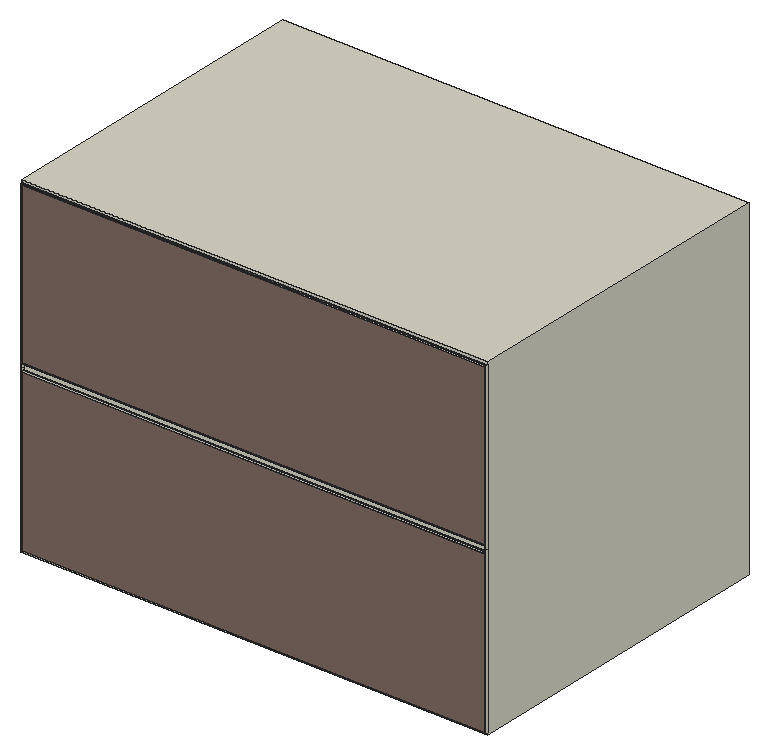
Revit family "vanity unit-hansgrohe-54188XXX-Xevolos E Vanity unit Sand Matt Beige 780_550 with 2 drawers for consoles with countertop basin ground", category Furniture, Revit 2019
Family settings
  OmniClass Number = 23.40.00.00
  OmniClass Title = Equipment and Furnishings
  Work Plane-Based = No
  Always vertical = Yes
  Cut with Voids When Loaded = No
  Shared = Yes
  Room Calculation Point = No
Parameters (values of type "54188730-SAND_MATT_BEIGE-DARK_OAK-200")
  etim7_EC011381 = "EC011381"
  WEIGHT = "45"
  UNSPSC = "56 | Furniture and Furnishings"
  UNIFORMATII = "E2010 | Fixed Furnishings"
  UNICLASS_2015_CODE = "40_30_78_05"
  UNICLASS2015 = "Pr_40_30_78_05 | Bathroom furniture"
  SURFACE = "DARK_OAK"
  REGION = "Worldwide"
  PRODUCTURL = "https://pro.hansgrohe.com/articledetail--54188790"
  PERMALINK = "54188XXX"
  OMNICLASS = "23-21 19 15 33 13 | Residential Bathroom Specialty Casework"
  OBJECTTYPE = "Object (single object)"
  OBERFLAECHE = "SAND_MATT_BEIGE"
  NN = "Vanity unit with 2 drawers for consoles with countertop basin ground"
  NBSYN = "$ARTNR.-$OBERFLAECHE.-$SURFACE.-$LODLEVEL."
  NB = "54188730-SAND_MATT_BEIGE-DARK_OAK-200"
  NAME = "Xevolos E Vanity unit Sand Matt Beige 780/550 with 2 drawers for consoles with countertop basin ground"
  Model = "54188730-SAND_MATT_BEIGE-DARK_OAK-200"
  Manufacturer = "Hansgrohe"
  MIdent = "{$CADENAS_DATA/23d-libs/hansgrohe/xevolos_furniture/e_vanity_unit_2_drawers_console_countertop_basin/vanity_unit_2drawers_consoles_countertop_basin.prj},284 {VTYP=3D},{NB=54188730-SAND_MATT_BEIGE-DARK_OAK-200},{LINA=54188730-SAND_MATT_BEIGE-DARK_OAK-200},{NN=Vanity unit with 2 drawers for consoles with countertop basin ground},{DATE=13.03.2023 11:45:48},{GEOMDATE=12.03.2023 06:32:00},{VERSION=},{LINEID=50},{WBVAR=LODLEVEL},{WBNUMERIC=}  {NB=54188730-SAND_MATT_BEIGE-DARK_OAK-200},{LINA=54188730-SAND_MATT_BEIGE-DARK_OAK-200},{KT=DUMMY},{IDNR=5},{ARTNR=54188730},{BASENUMBER=54188},{MODEL=54188XXX},{OBERFLAECHE=SAND_MATT_BEIGE},{SURFACE=DARK_OAK},{L=780},{LODLEVEL=200},{LODLEVELX='400','400','200','200'},{NAME=Xevolos E Vanity unit Sand Matt Beige 780/550 with 2 drawers for consoles with countertop basin ground},{PERMALINK=54188XXX},{OBJECTTYPE=Object (single object)},{BIMOBJECT=Sanitary: Compound units},{COLLECTIONSET=Xevolos E},{COLLECTION=vanity unit},{WEIGHT=45},{DESCRIPTION=Xevolos E Vanity unit Sand Matt Beige 780/550 with 2 drawers for consoles with countertop basin ground},{PRODUCTURL=https://pro.hansgrohe.com/articledetail--54188790},{GTINCODE=0},{TENDERURL=0},{IFC=Furnishing element},{ETIM=EC011381 | Bathroom furniture set},{UNICLASS2015=Pr_40_30_78_05 | Bathroom furniture},{OMNICLASS=23-21 19 15 33 13 | Residential Bathroom Specialty Casework},{MASTERFORMAT=12 35 30.23 | Bathroom Casework},{UNSPSC=56 | Furniture and Furnishings},{UNIFORMATII=E2010 | Fixed Furnishings},{REGION=Worldwide},{DESIGN=Germany},{MANUFACTURER=Germany}"
  MASTERFORMAT = "12 35 30.23 | Bathroom Casework"
  LODLEVEL = "200"
  LINA = "54188730-SAND_MATT_BEIGE-DARK_OAK-200"
  L = 780
  IFC = "Furnishing element"
  IDNR = 5
  ETIM = "EC011381 | Bathroom furniture set"
  DESIGN = "Germany"
  COLLECTIONSET = "Xevolos E"
  COLLECTION = "vanity unit"
  CATALOG = "Hansgrohe"
  BIMOBJECT = "Sanitary: Compound units"
  BASENUMBER = "54188"
  ARTNR = "54188730"
  54188790-SAND_MATT_BEIGE-METALLIC_SAND_BEIGE-400_RX0RY0RZ0TX0TY0TZ0_V = no
  54188790-SAND_MATT_BEIGE-METALLIC_SAND_BEIGE-200_RX0RY0RZ0TX0TY0TZ0_V = no
  54188730-SAND_MATT_BEIGE-DARK_OAK-400_RX0RY0RZ0TX0TY0TZ0_V = no
  54188730-SAND_MATT_BEIGE-DARK_OAK-200_RX0RY0RZ0TX0TY0TZ0_V = yes
  54188390-SAND_MATT_BEIGE-PATTEREND_BRONZE-400_RX0RY0RZ0TX0TY0TZ0_V = no
  54188390-SAND_MATT_BEIGE-PATTEREND_BRONZE-200_RX0RY0RZ0TX0TY0TZ0_V = no
Types (6, lengths in mm): name | SURFACE | NB | Model | MIdent | LODLEVEL | LINA | IDNR | ARTNR | 54188790-SAND_MATT_BEIGE-METALLIC_SAND_BEIGE-400_RX0RY0RZ0TX0TY0TZ0_V | 54188790-SAND_MATT_BEIGE-METALLIC_SAND_BEIGE-200_RX0RY0RZ0TX0TY0TZ0_V | 54188730-SAND_MATT_BEIGE-DARK_OAK-400_RX0RY0RZ0TX0TY0TZ0_V | 54188730-SAND_MATT_BEIGE-DARK_OAK-200_RX0RY0RZ0TX0TY0TZ0_V | 54188390-SAND_MATT_BEIGE-PATTEREND_BRONZE-400_RX0RY0RZ0TX0TY0TZ0_V | 54188390-SAND_MATT_BEIGE-PATTEREND_BRONZE-200_RX0RY0RZ0TX0TY0TZ0_V
  54188390-SAND_MATT_BEIGE-PATTEREND_BRONZE-200 | "PATTEREND_BRONZE" | "54188390-SAND_MATT_BEIGE-PATTEREND_BRONZE-200" | "54188390-SAND_MATT_BEIGE-PATTEREND_BRONZE-200" | "{$CADENAS_DATA/23d-libs/hansgrohe/xevolos_furniture/e_vanity_unit_2_drawers_console_countertop_basin/vanity_unit_2drawers_consoles_countertop_basin.prj},300 {VTYP=3D},{NB=54188390-SAND_MATT_BEIGE-PATTEREND_BRONZE-200},{LINA=54188390-SAND_MATT_BEIGE-PATTEREND_BRONZE-200},{NN=Vanity unit with 2 drawers for consoles with countertop basin ground},{DATE=13.03.2023 11:45:48},{GEOMDATE=12.03.2023 06:32:00},{VERSION=},{LINEID=40},{WBVAR=LODLEVEL},{WBNUMERIC=}  {NB=54188390-SAND_MATT_BEIGE-PATTEREND_BRONZE-200},{LINA=54188390-SAND_MATT_BEIGE-PATTEREND_BRONZE-200},{KT=DUMMY},{IDNR=4},{ARTNR=54188390},{BASENUMBER=54188},{MODEL=54188XXX},{OBERFLAECHE=SAND_MATT_BEIGE},{SURFACE=PATTEREND_BRONZE},{L=780},{LODLEVEL=200},{LODLEVELX='400','400','200','200'},{NAME=Xevolos E Vanity unit Sand Matt Beige 780/550 with 2 drawers for consoles with countertop basin ground},{PERMALINK=54188XXX},{OBJECTTYPE=Object (single object)},{BIMOBJECT=Sanitary: Compound units},{COLLECTIONSET=Xevolos E},{COLLECTION=vanity unit},{WEIGHT=45},{DESCRIPTION=Xevolos E Vanity unit Sand Matt Beige 780/550 with 2 drawers for consoles with countertop basin ground},{PRODUCTURL=https://pro.hansgrohe.com/articledetail--54188790},{GTINCODE=0},{TENDERURL=0},{IFC=Furnishing element},{ETIM=EC011381 | Bathroom furniture set},{UNICLASS2015=Pr_40_30_78_05 | Bathroom furniture},{OMNICLASS=23-21 19 15 33 13 | Residential Bathroom Specialty Casework},{MASTERFORMAT=12 35 30.23 | Bathroom Casework},{UNSPSC=56 | Furniture and Furnishings},{UNIFORMATII=E2010 | Fixed Furnishings},{REGION=Worldwide},{DESIGN=Germany},{MANUFACTURER=Germany}" | "200" | "54188390-SAND_MATT_BEIGE-PATTEREND_BRONZE-200" | 4 | "54188390" | no | no | no | no | no | yes
  54188390-SAND_MATT_BEIGE-PATTEREND_BRONZE-400 | "PATTEREND_BRONZE" | "54188390-SAND_MATT_BEIGE-PATTEREND_BRONZE-400" | "54188390-SAND_MATT_BEIGE-PATTEREND_BRONZE-400" | "{$CADENAS_DATA/23d-libs/hansgrohe/xevolos_furniture/e_vanity_unit_2_drawers_console_countertop_basin/vanity_unit_2drawers_consoles_countertop_basin.prj},300 {VTYP=3D},{NB=54188390-SAND_MATT_BEIGE-PATTEREND_BRONZE-400},{LINA=54188390-SAND_MATT_BEIGE-PATTEREND_BRONZE-400},{NN=Vanity unit with 2 drawers for consoles with countertop basin ground},{DATE=13.03.2023 11:45:48},{GEOMDATE=12.03.2023 06:32:00},{VERSION=},{LINEID=40},{WBVAR=LODLEVEL},{WBNUMERIC=}  {NB=54188390-SAND_MATT_BEIGE-PATTEREND_BRONZE-400},{LINA=54188390-SAND_MATT_BEIGE-PATTEREND_BRONZE-400},{KT=DUMMY},{IDNR=4},{ARTNR=54188390},{BASENUMBER=54188},{MODEL=54188XXX},{OBERFLAECHE=SAND_MATT_BEIGE},{SURFACE=PATTEREND_BRONZE},{L=780},{LODLEVEL=400},{LODLEVELX='400','400','200','200'},{NAME=Xevolos E Vanity unit Sand Matt Beige 780/550 with 2 drawers for consoles with countertop basin ground},{PERMALINK=54188XXX},{OBJECTTYPE=Object (single object)},{BIMOBJECT=Sanitary: Compound units},{COLLECTIONSET=Xevolos E},{COLLECTION=vanity unit},{WEIGHT=45},{DESCRIPTION=Xevolos E Vanity unit Sand Matt Beige 780/550 with 2 drawers for consoles with countertop basin ground},{PRODUCTURL=https://pro.hansgrohe.com/articledetail--54188790},{GTINCODE=0},{TENDERURL=0},{IFC=Furnishing element},{ETIM=EC011381 | Bathroom furniture set},{UNICLASS2015=Pr_40_30_78_05 | Bathroom furniture},{OMNICLASS=23-21 19 15 33 13 | Residential Bathroom Specialty Casework},{MASTERFORMAT=12 35 30.23 | Bathroom Casework},{UNSPSC=56 | Furniture and Furnishings},{UNIFORMATII=E2010 | Fixed Furnishings},{REGION=Worldwide},{DESIGN=Germany},{MANUFACTURER=Germany}" | "400" | "54188390-SAND_MATT_BEIGE-PATTEREND_BRONZE-400" | 4 | "54188390" | no | no | no | no | yes | no
  54188730-SAND_MATT_BEIGE-DARK_OAK-200 | "DARK_OAK" | "54188730-SAND_MATT_BEIGE-DARK_OAK-200" | "54188730-SAND_MATT_BEIGE-DARK_OAK-200" | "{$CADENAS_DATA/23d-libs/hansgrohe/xevolos_furniture/e_vanity_unit_2_drawers_console_countertop_basin/vanity_unit_2drawers_consoles_countertop_basin.prj},284 {VTYP=3D},{NB=54188730-SAND_MATT_BEIGE-DARK_OAK-200},{LINA=54188730-SAND_MATT_BEIGE-DARK_OAK-200},{NN=Vanity unit with 2 drawers for consoles with countertop basin ground},{DATE=13.03.2023 11:45:48},{GEOMDATE=12.03.2023 06:32:00},{VERSION=},{LINEID=50},{WBVAR=LODLEVEL},{WBNUMERIC=}  {NB=54188730-SAND_MATT_BEIGE-DARK_OAK-200},{LINA=54188730-SAND_MATT_BEIGE-DARK_OAK-200},{KT=DUMMY},{IDNR=5},{ARTNR=54188730},{BASENUMBER=54188},{MODEL=54188XXX},{OBERFLAECHE=SAND_MATT_BEIGE},{SURFACE=DARK_OAK},{L=780},{LODLEVEL=200},{LODLEVELX='400','400','200','200'},{NAME=Xevolos E Vanity unit Sand Matt Beige 780/550 with 2 drawers for consoles with countertop basin ground},{PERMALINK=54188XXX},{OBJECTTYPE=Object (single object)},{BIMOBJECT=Sanitary: Compound units},{COLLECTIONSET=Xevolos E},{COLLECTION=vanity unit},{WEIGHT=45},{DESCRIPTION=Xevolos E Vanity unit Sand Matt Beige 780/550 with 2 drawers for consoles with countertop basin ground},{PRODUCTURL=https://pro.hansgrohe.com/articledetail--54188790},{GTINCODE=0},{TENDERURL=0},{IFC=Furnishing element},{ETIM=EC011381 | Bathroom furniture set},{UNICLASS2015=Pr_40_30_78_05 | Bathroom furniture},{OMNICLASS=23-21 19 15 33 13 | Residential Bathroom Specialty Casework},{MASTERFORMAT=12 35 30.23 | Bathroom Casework},{UNSPSC=56 | Furniture and Furnishings},{UNIFORMATII=E2010 | Fixed Furnishings},{REGION=Worldwide},{DESIGN=Germany},{MANUFACTURER=Germany}" | "200" | "54188730-SAND_MATT_BEIGE-DARK_OAK-200" | 5 | "54188730" | no | no | no | yes | no | no
  54188730-SAND_MATT_BEIGE-DARK_OAK-400 | "DARK_OAK" | "54188730-SAND_MATT_BEIGE-DARK_OAK-400" | "54188730-SAND_MATT_BEIGE-DARK_OAK-400" | "{$CADENAS_DATA/23d-libs/hansgrohe/xevolos_furniture/e_vanity_unit_2_drawers_console_countertop_basin/vanity_unit_2drawers_consoles_countertop_basin.prj},284 {VTYP=3D},{NB=54188730-SAND_MATT_BEIGE-DARK_OAK-400},{LINA=54188730-SAND_MATT_BEIGE-DARK_OAK-400},{NN=Vanity unit with 2 drawers for consoles with countertop basin ground},{DATE=13.03.2023 11:45:48},{GEOMDATE=12.03.2023 06:32:00},{VERSION=},{LINEID=50},{WBVAR=LODLEVEL},{WBNUMERIC=}  {NB=54188730-SAND_MATT_BEIGE-DARK_OAK-400},{LINA=54188730-SAND_MATT_BEIGE-DARK_OAK-400},{KT=DUMMY},{IDNR=5},{ARTNR=54188730},{BASENUMBER=54188},{MODEL=54188XXX},{OBERFLAECHE=SAND_MATT_BEIGE},{SURFACE=DARK_OAK},{L=780},{LODLEVEL=400},{LODLEVELX='400','400','200','200'},{NAME=Xevolos E Vanity unit Sand Matt Beige 780/550 with 2 drawers for consoles with countertop basin ground},{PERMALINK=54188XXX},{OBJECTTYPE=Object (single object)},{BIMOBJECT=Sanitary: Compound units},{COLLECTIONSET=Xevolos E},{COLLECTION=vanity unit},{WEIGHT=45},{DESCRIPTION=Xevolos E Vanity unit Sand Matt Beige 780/550 with 2 drawers for consoles with countertop basin ground},{PRODUCTURL=https://pro.hansgrohe.com/articledetail--54188790},{GTINCODE=0},{TENDERURL=0},{IFC=Furnishing element},{ETIM=EC011381 | Bathroom furniture set},{UNICLASS2015=Pr_40_30_78_05 | Bathroom furniture},{OMNICLASS=23-21 19 15 33 13 | Residential Bathroom Specialty Casework},{MASTERFORMAT=12 35 30.23 | Bathroom Casework},{UNSPSC=56 | Furniture and Furnishings},{UNIFORMATII=E2010 | Fixed Furnishings},{REGION=Worldwide},{DESIGN=Germany},{MANUFACTURER=Germany}" | "400" | "54188730-SAND_MATT_BEIGE-DARK_OAK-400" | 5 | "54188730" | no | no | yes | no | no | no
  54188790-SAND_MATT_BEIGE-METALLIC_SAND_BEIGE-200 | "METALLIC_SAND_BEIGE" | "54188790-SAND_MATT_BEIGE-METALLIC_SAND_BEIGE-200" | "54188790-SAND_MATT_BEIGE-METALLIC_SAND_BEIGE-200" | "{$CADENAS_DATA/23d-libs/hansgrohe/xevolos_furniture/e_vanity_unit_2_drawers_console_countertop_basin/vanity_unit_2drawers_consoles_countertop_basin.prj},306 {VTYP=3D},{NB=54188790-SAND_MATT_BEIGE-METALLIC_SAND_BEIGE-200},{LINA=54188790-SAND_MATT_BEIGE-METALLIC_SAND_BEIGE-200},{NN=Vanity unit with 2 drawers for consoles with countertop basin ground},{DATE=13.03.2023 11:45:48},{GEOMDATE=12.03.2023 06:32:00},{VERSION=},{LINEID=60},{WBVAR=LODLEVEL},{WBNUMERIC=}  {NB=54188790-SAND_MATT_BEIGE-METALLIC_SAND_BEIGE-200},{LINA=54188790-SAND_MATT_BEIGE-METALLIC_SAND_BEIGE-200},{KT=DUMMY},{IDNR=6},{ARTNR=54188790},{BASENUMBER=54188},{MODEL=54188XXX},{OBERFLAECHE=SAND_MATT_BEIGE},{SURFACE=METALLIC_SAND_BEIGE},{L=780},{LODLEVEL=200},{LODLEVELX='400','400','200','200'},{NAME=Xevolos E Vanity unit Sand Matt Beige 780/550 with 2 drawers for consoles with countertop basin ground},{PERMALINK=54188XXX},{OBJECTTYPE=Object (single object)},{BIMOBJECT=Sanitary: Compound units},{COLLECTIONSET=Xevolos E},{COLLECTION=vanity unit},{WEIGHT=45},{DESCRIPTION=Xevolos E Vanity unit Sand Matt Beige 780/550 with 2 drawers for consoles with countertop basin ground},{PRODUCTURL=https://pro.hansgrohe.com/articledetail--54188790},{GTINCODE=0},{TENDERURL=0},{IFC=Furnishing element},{ETIM=EC011381 | Bathroom furniture set},{UNICLASS2015=Pr_40_30_78_05 | Bathroom furniture},{OMNICLASS=23-21 19 15 33 13 | Residential Bathroom Specialty Casework},{MASTERFORMAT=12 35 30.23 | Bathroom Casework},{UNSPSC=56 | Furniture and Furnishings},{UNIFORMATII=E2010 | Fixed Furnishings},{REGION=Worldwide},{DESIGN=Germany},{MANUFACTURER=Germany}" | "200" | "54188790-SAND_MATT_BEIGE-METALLIC_SAND_BEIGE-200" | 6 | "54188790" | no | yes | no | no | no | no
  54188790-SAND_MATT_BEIGE-METALLIC_SAND_BEIGE-400 | "METALLIC_SAND_BEIGE" | "54188790-SAND_MATT_BEIGE-METALLIC_SAND_BEIGE-400" | "54188790-SAND_MATT_BEIGE-METALLIC_SAND_BEIGE-400" | "{$CADENAS_DATA/23d-libs/hansgrohe/xevolos_furniture/e_vanity_unit_2_drawers_console_countertop_basin/vanity_unit_2drawers_consoles_countertop_basin.prj},306 {VTYP=3D},{NB=54188790-SAND_MATT_BEIGE-METALLIC_SAND_BEIGE-400},{LINA=54188790-SAND_MATT_BEIGE-METALLIC_SAND_BEIGE-400},{NN=Vanity unit with 2 drawers for consoles with countertop basin ground},{DATE=13.03.2023 11:45:48},{GEOMDATE=12.03.2023 06:32:00},{VERSION=},{LINEID=60},{WBVAR=LODLEVEL},{WBNUMERIC=}  {NB=54188790-SAND_MATT_BEIGE-METALLIC_SAND_BEIGE-400},{LINA=54188790-SAND_MATT_BEIGE-METALLIC_SAND_BEIGE-400},{KT=DUMMY},{IDNR=6},{ARTNR=54188790},{BASENUMBER=54188},{MODEL=54188XXX},{OBERFLAECHE=SAND_MATT_BEIGE},{SURFACE=METALLIC_SAND_BEIGE},{L=780},{LODLEVEL=400},{LODLEVELX='400','400','200','200'},{NAME=Xevolos E Vanity unit Sand Matt Beige 780/550 with 2 drawers for consoles with countertop basin ground},{PERMALINK=54188XXX},{OBJECTTYPE=Object (single object)},{BIMOBJECT=Sanitary: Compound units},{COLLECTIONSET=Xevolos E},{COLLECTION=vanity unit},{WEIGHT=45},{DESCRIPTION=Xevolos E Vanity unit Sand Matt Beige 780/550 with 2 drawers for consoles with countertop basin ground},{PRODUCTURL=https://pro.hansgrohe.com/articledetail--54188790},{GTINCODE=0},{TENDERURL=0},{IFC=Furnishing element},{ETIM=EC011381 | Bathroom furniture set},{UNICLASS2015=Pr_40_30_78_05 | Bathroom furniture},{OMNICLASS=23-21 19 15 33 13 | Residential Bathroom Specialty Casework},{MASTERFORMAT=12 35 30.23 | Bathroom Casework},{UNSPSC=56 | Furniture and Furnishings},{UNIFORMATII=E2010 | Fixed Furnishings},{REGION=Worldwide},{DESIGN=Germany},{MANUFACTURER=Germany}" | "400" | "54188790-SAND_MATT_BEIGE-METALLIC_SAND_BEIGE-400" | 6 | "54188790" | yes | no | no | no | no | no
Reference planes
  plane 1 "Center (Front/Back)": y = 0
  plane 2: z = 0
  plane 3 "Center (Left/Right)": x = 0
Dimensions and locks
  aligned and locked: level to plane 2
Nested families
  nested 1: "54188390-sand_matt_beige-patterend_bronze-200_content" at (0, 0, 0), visible <- "54188390-SAND_MATT_BEIGE-PATTEREND_BRONZE-200_RX0RY0RZ0TX0TY0TZ0_V", ContentVisible <- "54188390-SAND_MATT_BEIGE-PATTEREND_BRONZE-200_RX0RY0RZ0TX0TY0TZ0_V", type "54188390-SAND_MATT_BEIGE-PATTEREND_BRONZE-200_Content"
    with ContentVisible no
  nested 2: "54188390-sand_matt_beige-patterend_bronze-400_content" at (0, 0, 0), visible <- "54188390-SAND_MATT_BEIGE-PATTEREND_BRONZE-400_RX0RY0RZ0TX0TY0TZ0_V", ContentVisible <- "54188390-SAND_MATT_BEIGE-PATTEREND_BRONZE-400_RX0RY0RZ0TX0TY0TZ0_V", type "54188390-SAND_MATT_BEIGE-PATTEREND_BRONZE-400_Content"
    with ContentVisible no
  nested 3: "54188730-sand_matt_beige-dark_oak-200_content" at (0, 0, 0), visible <- "54188730-SAND_MATT_BEIGE-DARK_OAK-200_RX0RY0RZ0TX0TY0TZ0_V", ContentVisible <- "54188730-SAND_MATT_BEIGE-DARK_OAK-200_RX0RY0RZ0TX0TY0TZ0_V", type "54188730-SAND_MATT_BEIGE-DARK_OAK-200_Content"
    with ContentVisible yes
  nested 4: "54188730-sand_matt_beige-dark_oak-400_content" at (0, 0, 0), visible <- "54188730-SAND_MATT_BEIGE-DARK_OAK-400_RX0RY0RZ0TX0TY0TZ0_V", ContentVisible <- "54188730-SAND_MATT_BEIGE-DARK_OAK-400_RX0RY0RZ0TX0TY0TZ0_V", type "54188730-SAND_MATT_BEIGE-DARK_OAK-400_Content"
    with ContentVisible no
  nested 5: "54188790-sand_matt_beige-metallic_sand_beige-200_content" at (0, 0, 0), visible <- "54188790-SAND_MATT_BEIGE-METALLIC_SAND_BEIGE-200_RX0RY0RZ0TX0TY0TZ0_V", ContentVisible <- "54188790-SAND_MATT_BEIGE-METALLIC_SAND_BEIGE-200_RX0RY0RZ0TX0TY0TZ0_V", type "54188790-SAND_MATT_BEIGE-METALLIC_SAND_BEIGE-200_Content"
    with ContentVisible no
  nested 6: "54188790-sand_matt_beige-metallic_sand_beige-400_content" at (0, 0, 0), visible <- "54188790-SAND_MATT_BEIGE-METALLIC_SAND_BEIGE-400_RX0RY0RZ0TX0TY0TZ0_V", ContentVisible <- "54188790-SAND_MATT_BEIGE-METALLIC_SAND_BEIGE-400_RX0RY0RZ0TX0TY0TZ0_V", type "54188790-SAND_MATT_BEIGE-METALLIC_SAND_BEIGE-400_Content"
    with ContentVisible no
Definition of nested family "54188730-sand_matt_beige-dark_oak-200_content"
  Parameters (values of type "54188730-SAND_MATT_BEIGE-DARK_OAK-200_Content")
    etim7_EC011381 = "EC011381"
    WEIGHT = "45"
    UNSPSC = "56 | Furniture and Furnishings"
    UNIFORMATII = "E2010 | Fixed Furnishings"
    UNICLASS_2015_CODE = "40_30_78_05"
    UNICLASS2015 = "Pr_40_30_78_05 | Bathroom furniture"
    SURFACE = "DARK_OAK"
    REGION = "Worldwide"
    PRODUCTURL = "https://pro.hansgrohe.com/articledetail--54188790"
    PERMALINK = "54188XXX"
    OMNICLASS = "23-21 19 15 33 13 | Residential Bathroom Specialty Casework"
    OBJECTTYPE = "Object (single object)"
    OBERFLAECHE = "SAND_MATT_BEIGE"
    NN = "Vanity unit with 2 drawers for consoles with countertop basin ground"
    NBSYN = "$ARTNR.-$OBERFLAECHE.-$SURFACE.-$LODLEVEL."
    NB = "54188730-SAND_MATT_BEIGE-DARK_OAK-200"
    NAME = "Xevolos E Vanity unit Sand Matt Beige 780/550 with 2 drawers for consoles with countertop basin ground"
    Model = "54188730-SAND_MATT_BEIGE-DARK_OAK-200"
    Manufacturer = "Hansgrohe"
    MASTERFORMAT = "12 35 30.23 | Bathroom Casework"
    LODLEVEL = "200"
    LINA = "54188730-SAND_MATT_BEIGE-DARK_OAK-200"
    L = 780
    IFC = "Furnishing element"
    IDNR = 5
    ETIM = "EC011381 | Bathroom furniture set"
    Default Elevation = 1219.2 mm
    DESIGN = "Germany"
    ContentVisible [instance] = yes
    COLLECTIONSET = "Xevolos E"
    COLLECTION = "vanity unit"
    CATALOG = "Hansgrohe"
    BIMOBJECT = "Sanitary: Compound units"
    BASENUMBER = "54188"
    ARTNR = "54188730"
  Reference planes
    plane 1 "Center (Front/Back)": y = 0
    plane 2: z = 0
    plane 3 "Center (Left/Right)": x = 0
  Forms (mm)
    Extrusion 1, solid, visible <- "ContentVisible", detail levels medium+fine
      sketch origin (0, 0, 0) x (1, 0, 0) y (0, 1, 0)
        loop
          line (-390, 0) -> (-390, -544.3) -> (390, -544.3) -> (390, 0) -> (-390, 0)
      from 0 to 558
    Extrusion 2, solid, visible <- "ContentVisible", detail levels medium+fine
      sketch origin (0, -544.3, 0) x (1, 0, 0) y (0, 0, -1)
        loop
          line (-390, -278) -> (-388, -278) -> (-388, -4) -> (388, -4) -> (388, -278) -> (390, -278) -> (390, -2) -> (-390, -2) -> (-390, -278)
      from -4 to 0
    Extrusion 3, solid, visible <- "ContentVisible", detail levels medium+fine
      sketch origin (0, -544.3, 0) x (1, 0, 0) y (0, 0, -1)
        loop
          line (-390, -278) -> (-390, -554) -> (390, -554) -> (390, -278) -> (388, -278) -> (388, -552) -> (-388, -552) -> (-388, -278) -> (-390, -278)
      from -4 to 0
    Extrusion 4, solid, visible <- "ContentVisible", detail levels medium+fine
      sketch origin (0, -544.3, 0) x (1, 0, 0) y (0, 0, -1)
        loop
          line (-388, -272.5) -> (388, -272.5) -> (388, -4) -> (-388, -4) -> (-388, -272.5)
      from -4 to 0
    Extrusion 5, solid, visible <- "ContentVisible", detail levels medium+fine
      sketch origin (0, -544.3, 0) x (1, 0, 0) y (0, 0, -1)
        loop
          line (-388, -554) -> (388, -554) -> (388, -285.5) -> (-388, -285.5) -> (-388, -554)
      from -4 to 0
    Extrusion 6, solid, visible <- "ContentVisible", detail levels medium+fine
      sketch origin (0, 0, 272.5) x (1, 0, 0) y (0, 1, 0)
        loop
          line (-388, -527) -> (-388, -548.3) -> (388, -548.3) -> (388, -527) -> (-388, -527)
      from 0 to 2
    Extrusion 7, solid, visible <- "ContentVisible", detail levels medium+fine
      sketch origin (0, 0, 285.5) x (1, 0, 0) y (0, 1, 0)
        loop
          line (-388, -527) -> (-388, -548.3) -> (388, -548.3) -> (388, -527) -> (-388, -527)
      from -2 to 0
    Extrusion 8, solid, visible <- "ContentVisible", detail levels coarse
      sketch origin (0, -274.15, 0) x (1, 0, 0) y (0, 1, 0)
        loop
          line (-390, -274.15) -> (390, -274.15) -> (390, 274.15) -> (-390, 274.15) -> (-390, -274.15)
      from 0 to 558
  Dimensions and locks
    aligned and locked: level to plane 2
Definition of nested family "54188390-sand_matt_beige-patterend_bronze-200_content"
  Parameters (values of type "54188390-SAND_MATT_BEIGE-PATTEREND_BRONZE-200_Content")
    etim7_EC011381 = "EC011381"
    WEIGHT = "45"
    UNSPSC = "56 | Furniture and Furnishings"
    UNIFORMATII = "E2010 | Fixed Furnishings"
    UNICLASS_2015_CODE = "40_30_78_05"
    UNICLASS2015 = "Pr_40_30_78_05 | Bathroom furniture"
    SURFACE = "PATTEREND_BRONZE"
    REGION = "Worldwide"
    PRODUCTURL = "https://pro.hansgrohe.com/articledetail--54188790"
    PERMALINK = "54188XXX"
    OMNICLASS = "23-21 19 15 33 13 | Residential Bathroom Specialty Casework"
    OBJECTTYPE = "Object (single object)"
    OBERFLAECHE = "SAND_MATT_BEIGE"
    NN = "Vanity unit with 2 drawers for consoles with countertop basin ground"
    NBSYN = "$ARTNR.-$OBERFLAECHE.-$SURFACE.-$LODLEVEL."
    NB = "54188390-SAND_MATT_BEIGE-PATTEREND_BRONZE-200"
    NAME = "Xevolos E Vanity unit Sand Matt Beige 780/550 with 2 drawers for consoles with countertop basin ground"
    Model = "54188390-SAND_MATT_BEIGE-PATTEREND_BRONZE-200"
    Manufacturer = "Hansgrohe"
    MASTERFORMAT = "12 35 30.23 | Bathroom Casework"
    LODLEVEL = "200"
    LINA = "54188390-SAND_MATT_BEIGE-PATTEREND_BRONZE-200"
    L = 780
    IFC = "Furnishing element"
    IDNR = 4
    ETIM = "EC011381 | Bathroom furniture set"
    Default Elevation = 1219.2 mm
    DESIGN = "Germany"
    ContentVisible [instance] = yes
    COLLECTIONSET = "Xevolos E"
    COLLECTION = "vanity unit"
    CATALOG = "Hansgrohe"
    BIMOBJECT = "Sanitary: Compound units"
    BASENUMBER = "54188"
    ARTNR = "54188390"
  Reference planes
    plane 1 "Center (Front/Back)": y = 0
    plane 2: z = 0
    plane 3 "Center (Left/Right)": x = 0
  Forms (mm)
    Extrusion 1, solid, visible <- "ContentVisible", detail levels medium+fine
      sketch origin (0, 0, 0) x (1, 0, 0) y (0, 1, 0)
        loop
          line (-390, 0) -> (-390, -544.3) -> (390, -544.3) -> (390, 0) -> (-390, 0)
      from 0 to 558
    Extrusion 2, solid, visible <- "ContentVisible", detail levels medium+fine
      sketch origin (0, -544.3, 0) x (1, 0, 0) y (0, 0, -1)
        loop
          line (-390, -278) -> (-388, -278) -> (-388, -4) -> (388, -4) -> (388, -278) -> (390, -278) -> (390, -2) -> (-390, -2) -> (-390, -278)
      from -4 to 0
    Extrusion 3, solid, visible <- "ContentVisible", detail levels medium+fine
      sketch origin (0, -544.3, 0) x (1, 0, 0) y (0, 0, -1)
        loop
          line (-390, -278) -> (-390, -554) -> (390, -554) -> (390, -278) -> (388, -278) -> (388, -552) -> (-388, -552) -> (-388, -278) -> (-390, -278)
      from -4 to 0
    Extrusion 4, solid, visible <- "ContentVisible", detail levels medium+fine
      sketch origin (0, -544.3, 0) x (1, 0, 0) y (0, 0, -1)
        loop
          line (-388, -272.5) -> (388, -272.5) -> (388, -4) -> (-388, -4) -> (-388, -272.5)
      from -4 to 0
    Extrusion 5, solid, visible <- "ContentVisible", detail levels medium+fine
      sketch origin (0, -544.3, 0) x (1, 0, 0) y (0, 0, -1)
        loop
          line (-388, -554) -> (388, -554) -> (388, -285.5) -> (-388, -285.5) -> (-388, -554)
      from -4 to 0
    Extrusion 6, solid, visible <- "ContentVisible", detail levels medium+fine
      sketch origin (0, 0, 272.5) x (1, 0, 0) y (0, 1, 0)
        loop
          line (-388, -527) -> (-388, -548.3) -> (388, -548.3) -> (388, -527) -> (-388, -527)
      from 0 to 2
    Extrusion 7, solid, visible <- "ContentVisible", detail levels medium+fine
      sketch origin (0, 0, 285.5) x (1, 0, 0) y (0, 1, 0)
        loop
          line (-388, -527) -> (-388, -548.3) -> (388, -548.3) -> (388, -527) -> (-388, -527)
      from -2 to 0
    Extrusion 8, solid, visible <- "ContentVisible", detail levels coarse
      sketch origin (0, -274.15, 0) x (1, 0, 0) y (0, 1, 0)
        loop
          line (-390, -274.15) -> (390, -274.15) -> (390, 274.15) -> (-390, 274.15) -> (-390, -274.15)
      from 0 to 558
  Dimensions and locks
    aligned and locked: level to plane 2
Definition of nested family "54188390-sand_matt_beige-patterend_bronze-400_content"
  Parameters (values of type "54188390-SAND_MATT_BEIGE-PATTEREND_BRONZE-400_Content")
    etim7_EC011381 = "EC011381"
    WEIGHT = "45"
    UNSPSC = "56 | Furniture and Furnishings"
    UNIFORMATII = "E2010 | Fixed Furnishings"
    UNICLASS_2015_CODE = "40_30_78_05"
    UNICLASS2015 = "Pr_40_30_78_05 | Bathroom furniture"
    SURFACE = "PATTEREND_BRONZE"
    REGION = "Worldwide"
    PRODUCTURL = "https://pro.hansgrohe.com/articledetail--54188790"
    PERMALINK = "54188XXX"
    OMNICLASS = "23-21 19 15 33 13 | Residential Bathroom Specialty Casework"
    OBJECTTYPE = "Object (single object)"
    OBERFLAECHE = "SAND_MATT_BEIGE"
    NN = "Vanity unit with 2 drawers for consoles with countertop basin ground"
    NBSYN = "$ARTNR.-$OBERFLAECHE.-$SURFACE.-$LODLEVEL."
    NB = "54188390-SAND_MATT_BEIGE-PATTEREND_BRONZE-400"
    NAME = "Xevolos E Vanity unit Sand Matt Beige 780/550 with 2 drawers for consoles with countertop basin ground"
    Model = "54188390-SAND_MATT_BEIGE-PATTEREND_BRONZE-400"
    Manufacturer = "Hansgrohe"
    MASTERFORMAT = "12 35 30.23 | Bathroom Casework"
    LODLEVEL = "400"
    LINA = "54188390-SAND_MATT_BEIGE-PATTEREND_BRONZE-400"
    L = 780
    IFC = "Furnishing element"
    IDNR = 4
    ETIM = "EC011381 | Bathroom furniture set"
    Default Elevation = 1219.2 mm
    DESIGN = "Germany"
    ContentVisible [instance] = yes
    COLLECTIONSET = "Xevolos E"
    COLLECTION = "vanity unit"
    CATALOG = "Hansgrohe"
    BIMOBJECT = "Sanitary: Compound units"
    BASENUMBER = "54188"
    ARTNR = "54188390"
  Reference planes
    plane 1 "Center (Front/Back)": y = 0
    plane 2: z = 0
    plane 3 "Center (Left/Right)": x = 0
  Forms (mm)
    Extrusion 1, solid, visible <- "ContentVisible", detail levels medium+fine
      sketch origin (0, 0, 0) x (1, 0, 0) y (0, 1, 0)
        loop
          line (-390, 0) -> (-390, -548.3) -> (-388, -548.3) -> (-388, -544.3) -> (-374, -544.3) -> (-374, 0) -> (-390, 0)
      from 0 to 558
    Extrusion 2, solid, visible <- "ContentVisible", detail levels medium+fine
      sketch origin (0, 0, 0) x (1, 0, 0) y (0, 1, 0)
        loop
          line (-374, -131.5) -> (-374, -498) -> (374, -498) -> (374, -131.5) -> (-374, -131.5)
      from 0 to 16
    Extrusion 3, solid, visible <- "ContentVisible", detail levels medium+fine
      sketch origin (0, 0, 0) x (1, 0, 0) y (0, 1, 0)
        loop
          line (374, 0) -> (374, -544.3) -> (388, -544.3) -> (388, -548.3) -> (390, -548.3) -> (390, 0) -> (374, 0)
      from 0 to 558
    Extrusion 4, solid, visible <- "ContentVisible", detail levels medium+fine
      sketch origin (0, 0, 0.5) x (1, 0, 0) y (0, 1, 0)
        loop
          line (-374, -115.5) -> (-374, -131.5) -> (374, -131.5) -> (374, -115.5) -> (-374, -115.5)
      from 0 to 126
    Extrusion 5, solid, visible <- "ContentVisible", detail levels medium+fine
      sketch origin (0, 0, 2) x (1, 0, 0) y (0, 1, 0)
        loop
          line (-388, -527) -> (-388, -548.3) -> (388, -548.3) -> (388, -527) -> (-388, -527)
      from 0 to 2
    Extrusion 6, solid, visible <- "ContentVisible", detail levels medium+fine
      sketch origin (0, 0, 556) x (1, 0, 0) y (0, 1, 0)
        loop
          line (-388, -527) -> (-388, -548.3) -> (388, -548.3) -> (388, -527) -> (-388, -527)
      from -2 to 0
    Extrusion 7, solid, visible <- "ContentVisible", detail levels medium+fine
      sketch origin (0, -544.3, 0) x (1, 0, 0) y (0, 0, -1)
        loop
          line (-388, -272.5) -> (388, -272.5) -> (388, -4) -> (-388, -4) -> (-388, -272.5)
      from -4 to 0
    Extrusion 8, solid, visible <- "ContentVisible", detail levels medium+fine
      sketch origin (0, -544.3, 0) x (1, 0, 0) y (0, 0, -1)
        loop
          line (-388, -554) -> (388, -554) -> (388, -285.5) -> (-388, -285.5) -> (-388, -554)
      from -4 to 0
    Extrusion 9, solid, visible <- "ContentVisible", detail levels medium+fine
      sketch origin (0, 0, 272.5) x (1, 0, 0) y (0, 1, 0)
        loop
          line (-388, -527) -> (-388, -548.3) -> (388, -548.3) -> (388, -527) -> (-388, -527)
      from 0 to 2
    Extrusion 10, solid, visible <- "ContentVisible", detail levels medium+fine
      sketch origin (0, 0, 285.5) x (1, 0, 0) y (0, 1, 0)
        loop
          line (-388, -527) -> (-388, -548.3) -> (388, -548.3) -> (388, -527) -> (-388, -527)
      from -2 to 0
    Extrusion 11, solid, visible <- "ContentVisible", detail levels medium+fine
      sketch origin (0, -544.3, 0) x (1, 0, 0) y (0, 0, -1)
        loop
          line (-388, -274.5) -> (388, -274.5) -> (388, -4.5) -> (-388, -4.5) -> (-388, -274.5)
        loop
          line (-314, -78) -> (-314, -272.5) -> (314, -272.5) -> (314, -78) -> (-314, -78)
      from 0 to 17
    Extrusion 12, solid, visible <- "ContentVisible", detail levels medium+fine
      sketch origin (0, -544.3, 0) x (1, 0, 0) y (0, 0, -1)
        loop
          line (-388, -553.5) -> (-312, -553.5) -> (-312, -361.5) -> (312, -361.5) -> (312, -553.5) -> (388, -553.5) -> (388, -285.5) -> (-388, -285.5) -> (-388, -553.5)
      from 0 to 17
    Extrusion 13, solid, visible <- "ContentVisible", detail levels medium+fine
      sketch origin (0, 0, 0) x (0, 0, -1) y (0, 1, 0)
        loop
          line (-285, -395.5) -> (-285, -520) -> (-269, -520) -> (-269, -395.5) -> (-285, -395.5)
      from -374 to 374
    Extrusion 14, solid, visible <- "ContentVisible", detail levels medium+fine
      sketch origin (0, 0, 557.5) x (1, 0, 0) y (0, 1, 0)
        loop
          line (-374, -521.5) -> (374, -521.5) -> (374, -23) -> (150, -23) -> (150, -273)
          arc (150, -273) -> (120.711, -343.711) -> (50, -373) r 100
          line (50, -373) -> (-50, -373)
          arc (-50, -373) -> (-120.711, -343.711) -> (-150, -273) r 100
          line (-150, -273) -> (-150, -23) -> (-374, -23) -> (-374, -521.5)
      from -16 to 0
    Extrusion 15, solid, visible <- "ContentVisible", detail levels coarse
      sketch origin (0, -274.15, 0) x (1, 0, 0) y (0, 1, 0)
        loop
          line (-390, -274.15) -> (390, -274.15) -> (390, 274.15) -> (-390, 274.15) -> (-390, -274.15)
      from 0 to 558
  Dimensions and locks
    aligned and locked: level to plane 2
Definition of nested family "54188730-sand_matt_beige-dark_oak-400_content"
  Parameters (values of type "54188730-SAND_MATT_BEIGE-DARK_OAK-400_Content")
    etim7_EC011381 = "EC011381"
    WEIGHT = "45"
    UNSPSC = "56 | Furniture and Furnishings"
    UNIFORMATII = "E2010 | Fixed Furnishings"
    UNICLASS_2015_CODE = "40_30_78_05"
    UNICLASS2015 = "Pr_40_30_78_05 | Bathroom furniture"
    SURFACE = "DARK_OAK"
    REGION = "Worldwide"
    PRODUCTURL = "https://pro.hansgrohe.com/articledetail--54188790"
    PERMALINK = "54188XXX"
    OMNICLASS = "23-21 19 15 33 13 | Residential Bathroom Specialty Casework"
    OBJECTTYPE = "Object (single object)"
    OBERFLAECHE = "SAND_MATT_BEIGE"
    NN = "Vanity unit with 2 drawers for consoles with countertop basin ground"
    NBSYN = "$ARTNR.-$OBERFLAECHE.-$SURFACE.-$LODLEVEL."
    NB = "54188730-SAND_MATT_BEIGE-DARK_OAK-400"
    NAME = "Xevolos E Vanity unit Sand Matt Beige 780/550 with 2 drawers for consoles with countertop basin ground"
    Model = "54188730-SAND_MATT_BEIGE-DARK_OAK-400"
    Manufacturer = "Hansgrohe"
    MASTERFORMAT = "12 35 30.23 | Bathroom Casework"
    LODLEVEL = "400"
    LINA = "54188730-SAND_MATT_BEIGE-DARK_OAK-400"
    L = 780
    IFC = "Furnishing element"
    IDNR = 5
    ETIM = "EC011381 | Bathroom furniture set"
    Default Elevation = 1219.2 mm
    DESIGN = "Germany"
    ContentVisible [instance] = yes
    COLLECTIONSET = "Xevolos E"
    COLLECTION = "vanity unit"
    CATALOG = "Hansgrohe"
    BIMOBJECT = "Sanitary: Compound units"
    BASENUMBER = "54188"
    ARTNR = "54188730"
  Reference planes
    plane 1 "Center (Front/Back)": y = 0
    plane 2: z = 0
    plane 3 "Center (Left/Right)": x = 0
  Forms (mm)
    Extrusion 1, solid, visible <- "ContentVisible", detail levels medium+fine
      sketch origin (0, 0, 0) x (1, 0, 0) y (0, 1, 0)
        loop
          line (-390, 0) -> (-390, -548.3) -> (-388, -548.3) -> (-388, -544.3) -> (-374, -544.3) -> (-374, 0) -> (-390, 0)
      from 0 to 558
    Extrusion 2, solid, visible <- "ContentVisible", detail levels medium+fine
      sketch origin (0, 0, 0) x (1, 0, 0) y (0, 1, 0)
        loop
          line (-374, -131.5) -> (-374, -498) -> (374, -498) -> (374, -131.5) -> (-374, -131.5)
      from 0 to 16
    Extrusion 3, solid, visible <- "ContentVisible", detail levels medium+fine
      sketch origin (0, 0, 0) x (1, 0, 0) y (0, 1, 0)
        loop
          line (374, 0) -> (374, -544.3) -> (388, -544.3) -> (388, -548.3) -> (390, -548.3) -> (390, 0) -> (374, 0)
      from 0 to 558
    Extrusion 4, solid, visible <- "ContentVisible", detail levels medium+fine
      sketch origin (0, 0, 0.5) x (1, 0, 0) y (0, 1, 0)
        loop
          line (-374, -115.5) -> (-374, -131.5) -> (374, -131.5) -> (374, -115.5) -> (-374, -115.5)
      from 0 to 126
    Extrusion 5, solid, visible <- "ContentVisible", detail levels medium+fine
      sketch origin (0, 0, 2) x (1, 0, 0) y (0, 1, 0)
        loop
          line (-388, -527) -> (-388, -548.3) -> (388, -548.3) -> (388, -527) -> (-388, -527)
      from 0 to 2
    Extrusion 6, solid, visible <- "ContentVisible", detail levels medium+fine
      sketch origin (0, 0, 556) x (1, 0, 0) y (0, 1, 0)
        loop
          line (-388, -527) -> (-388, -548.3) -> (388, -548.3) -> (388, -527) -> (-388, -527)
      from -2 to 0
    Extrusion 7, solid, visible <- "ContentVisible", detail levels medium+fine
      sketch origin (0, -544.3, 0) x (1, 0, 0) y (0, 0, -1)
        loop
          line (-388, -272.5) -> (388, -272.5) -> (388, -4) -> (-388, -4) -> (-388, -272.5)
      from -4 to 0
    Extrusion 8, solid, visible <- "ContentVisible", detail levels medium+fine
      sketch origin (0, -544.3, 0) x (1, 0, 0) y (0, 0, -1)
        loop
          line (-388, -554) -> (388, -554) -> (388, -285.5) -> (-388, -285.5) -> (-388, -554)
      from -4 to 0
    Extrusion 9, solid, visible <- "ContentVisible", detail levels medium+fine
      sketch origin (0, 0, 272.5) x (1, 0, 0) y (0, 1, 0)
        loop
          line (-388, -527) -> (-388, -548.3) -> (388, -548.3) -> (388, -527) -> (-388, -527)
      from 0 to 2
    Extrusion 10, solid, visible <- "ContentVisible", detail levels medium+fine
      sketch origin (0, 0, 285.5) x (1, 0, 0) y (0, 1, 0)
        loop
          line (-388, -527) -> (-388, -548.3) -> (388, -548.3) -> (388, -527) -> (-388, -527)
      from -2 to 0
    Extrusion 11, solid, visible <- "ContentVisible", detail levels medium+fine
      sketch origin (0, -544.3, 0) x (1, 0, 0) y (0, 0, -1)
        loop
          line (-388, -274.5) -> (388, -274.5) -> (388, -4.5) -> (-388, -4.5) -> (-388, -274.5)
        loop
          line (-314, -78) -> (-314, -272.5) -> (314, -272.5) -> (314, -78) -> (-314, -78)
      from 0 to 17
    Extrusion 12, solid, visible <- "ContentVisible", detail levels medium+fine
      sketch origin (0, -544.3, 0) x (1, 0, 0) y (0, 0, -1)
        loop
          line (-388, -553.5) -> (-312, -553.5) -> (-312, -361.5) -> (312, -361.5) -> (312, -553.5) -> (388, -553.5) -> (388, -285.5) -> (-388, -285.5) -> (-388, -553.5)
      from 0 to 17
    Extrusion 13, solid, visible <- "ContentVisible", detail levels medium+fine
      sketch origin (0, 0, 0) x (0, 0, -1) y (0, 1, 0)
        loop
          line (-285, -395.5) -> (-285, -520) -> (-269, -520) -> (-269, -395.5) -> (-285, -395.5)
      from -374 to 374
    Extrusion 14, solid, visible <- "ContentVisible", detail levels medium+fine
      sketch origin (0, 0, 557.5) x (1, 0, 0) y (0, 1, 0)
        loop
          line (-374, -521.5) -> (374, -521.5) -> (374, -23) -> (150, -23) -> (150, -273)
          arc (150, -273) -> (120.711, -343.711) -> (50, -373) r 100
          line (50, -373) -> (-50, -373)
          arc (-50, -373) -> (-120.711, -343.711) -> (-150, -273) r 100
          line (-150, -273) -> (-150, -23) -> (-374, -23) -> (-374, -521.5)
      from -16 to 0
    Extrusion 15, solid, visible <- "ContentVisible", detail levels coarse
      sketch origin (0, -274.15, 0) x (1, 0, 0) y (0, 1, 0)
        loop
          line (-390, -274.15) -> (390, -274.15) -> (390, 274.15) -> (-390, 274.15) -> (-390, -274.15)
      from 0 to 558
  Dimensions and locks
    aligned and locked: level to plane 2
Definition of nested family "54188790-sand_matt_beige-metallic_sand_beige-200_content"
  Parameters (values of type "54188790-SAND_MATT_BEIGE-METALLIC_SAND_BEIGE-200_Content")
    etim7_EC011381 = "EC011381"
    WEIGHT = "45"
    UNSPSC = "56 | Furniture and Furnishings"
    UNIFORMATII = "E2010 | Fixed Furnishings"
    UNICLASS_2015_CODE = "40_30_78_05"
    UNICLASS2015 = "Pr_40_30_78_05 | Bathroom furniture"
    SURFACE = "METALLIC_SAND_BEIGE"
    REGION = "Worldwide"
    PRODUCTURL = "https://pro.hansgrohe.com/articledetail--54188790"
    PERMALINK = "54188XXX"
    OMNICLASS = "23-21 19 15 33 13 | Residential Bathroom Specialty Casework"
    OBJECTTYPE = "Object (single object)"
    OBERFLAECHE = "SAND_MATT_BEIGE"
    NN = "Vanity unit with 2 drawers for consoles with countertop basin ground"
    NBSYN = "$ARTNR.-$OBERFLAECHE.-$SURFACE.-$LODLEVEL."
    NB = "54188790-SAND_MATT_BEIGE-METALLIC_SAND_BEIGE-200"
    NAME = "Xevolos E Vanity unit Sand Matt Beige 780/550 with 2 drawers for consoles with countertop basin ground"
    Model = "54188790-SAND_MATT_BEIGE-METALLIC_SAND_BEIGE-200"
    Manufacturer = "Hansgrohe"
    MASTERFORMAT = "12 35 30.23 | Bathroom Casework"
    LODLEVEL = "200"
    LINA = "54188790-SAND_MATT_BEIGE-METALLIC_SAND_BEIGE-200"
    L = 780
    IFC = "Furnishing element"
    IDNR = 6
    ETIM = "EC011381 | Bathroom furniture set"
    Default Elevation = 1219.2 mm
    DESIGN = "Germany"
    ContentVisible [instance] = yes
    COLLECTIONSET = "Xevolos E"
    COLLECTION = "vanity unit"
    CATALOG = "Hansgrohe"
    BIMOBJECT = "Sanitary: Compound units"
    BASENUMBER = "54188"
    ARTNR = "54188790"
  Reference planes
    plane 1 "Center (Front/Back)": y = 0
    plane 2: z = 0
    plane 3 "Center (Left/Right)": x = 0
  Forms (mm)
    Extrusion 1, solid, visible <- "ContentVisible", detail levels medium+fine
      sketch origin (0, 0, 0) x (1, 0, 0) y (0, 1, 0)
        loop
          line (-390, 0) -> (-390, -544.3) -> (390, -544.3) -> (390, 0) -> (-390, 0)
      from 0 to 558
    Extrusion 2, solid, visible <- "ContentVisible", detail levels medium+fine
      sketch origin (0, -544.3, 0) x (1, 0, 0) y (0, 0, -1)
        loop
          line (-390, -278) -> (-388, -278) -> (-388, -4) -> (388, -4) -> (388, -278) -> (390, -278) -> (390, -2) -> (-390, -2) -> (-390, -278)
      from -4 to 0
    Extrusion 3, solid, visible <- "ContentVisible", detail levels medium+fine
      sketch origin (0, -544.3, 0) x (1, 0, 0) y (0, 0, -1)
        loop
          line (-390, -278) -> (-390, -554) -> (390, -554) -> (390, -278) -> (388, -278) -> (388, -552) -> (-388, -552) -> (-388, -278) -> (-390, -278)
      from -4 to 0
    Extrusion 4, solid, visible <- "ContentVisible", detail levels medium+fine
      sketch origin (0, -544.3, 0) x (1, 0, 0) y (0, 0, -1)
        loop
          line (-388, -272.5) -> (388, -272.5) -> (388, -4) -> (-388, -4) -> (-388, -272.5)
      from -4 to 0
    Extrusion 5, solid, visible <- "ContentVisible", detail levels medium+fine
      sketch origin (0, -544.3, 0) x (1, 0, 0) y (0, 0, -1)
        loop
          line (-388, -554) -> (388, -554) -> (388, -285.5) -> (-388, -285.5) -> (-388, -554)
      from -4 to 0
    Extrusion 6, solid, visible <- "ContentVisible", detail levels medium+fine
      sketch origin (0, 0, 272.5) x (1, 0, 0) y (0, 1, 0)
        loop
          line (-388, -527) -> (-388, -548.3) -> (388, -548.3) -> (388, -527) -> (-388, -527)
      from 0 to 2
    Extrusion 7, solid, visible <- "ContentVisible", detail levels medium+fine
      sketch origin (0, 0, 285.5) x (1, 0, 0) y (0, 1, 0)
        loop
          line (-388, -527) -> (-388, -548.3) -> (388, -548.3) -> (388, -527) -> (-388, -527)
      from -2 to 0
    Extrusion 8, solid, visible <- "ContentVisible", detail levels coarse
      sketch origin (0, -274.15, 0) x (1, 0, 0) y (0, 1, 0)
        loop
          line (-390, -274.15) -> (390, -274.15) -> (390, 274.15) -> (-390, 274.15) -> (-390, -274.15)
      from 0 to 558
  Dimensions and locks
    aligned and locked: level to plane 2
Definition of nested family "54188790-sand_matt_beige-metallic_sand_beige-400_content"
  Parameters (values of type "54188790-SAND_MATT_BEIGE-METALLIC_SAND_BEIGE-400_Content")
    etim7_EC011381 = "EC011381"
    WEIGHT = "45"
    UNSPSC = "56 | Furniture and Furnishings"
    UNIFORMATII = "E2010 | Fixed Furnishings"
    UNICLASS_2015_CODE = "40_30_78_05"
    UNICLASS2015 = "Pr_40_30_78_05 | Bathroom furniture"
    SURFACE = "METALLIC_SAND_BEIGE"
    REGION = "Worldwide"
    PRODUCTURL = "https://pro.hansgrohe.com/articledetail--54188790"
    PERMALINK = "54188XXX"
    OMNICLASS = "23-21 19 15 33 13 | Residential Bathroom Specialty Casework"
    OBJECTTYPE = "Object (single object)"
    OBERFLAECHE = "SAND_MATT_BEIGE"
    NN = "Vanity unit with 2 drawers for consoles with countertop basin ground"
    NBSYN = "$ARTNR.-$OBERFLAECHE.-$SURFACE.-$LODLEVEL."
    NB = "54188790-SAND_MATT_BEIGE-METALLIC_SAND_BEIGE-400"
    NAME = "Xevolos E Vanity unit Sand Matt Beige 780/550 with 2 drawers for consoles with countertop basin ground"
    Model = "54188790-SAND_MATT_BEIGE-METALLIC_SAND_BEIGE-400"
    Manufacturer = "Hansgrohe"
    MASTERFORMAT = "12 35 30.23 | Bathroom Casework"
    LODLEVEL = "400"
    LINA = "54188790-SAND_MATT_BEIGE-METALLIC_SAND_BEIGE-400"
    L = 780
    IFC = "Furnishing element"
    IDNR = 6
    ETIM = "EC011381 | Bathroom furniture set"
    Default Elevation = 1219.2 mm
    DESIGN = "Germany"
    ContentVisible [instance] = yes
    COLLECTIONSET = "Xevolos E"
    COLLECTION = "vanity unit"
    CATALOG = "Hansgrohe"
    BIMOBJECT = "Sanitary: Compound units"
    BASENUMBER = "54188"
    ARTNR = "54188790"
  Reference planes
    plane 1 "Center (Front/Back)": y = 0
    plane 2: z = 0
    plane 3 "Center (Left/Right)": x = 0
  Forms (mm)
    Extrusion 1, solid, visible <- "ContentVisible", detail levels medium+fine
      sketch origin (0, 0, 0) x (1, 0, 0) y (0, 1, 0)
        loop
          line (-390, 0) -> (-390, -548.3) -> (-388, -548.3) -> (-388, -544.3) -> (-374, -544.3) -> (-374, 0) -> (-390, 0)
      from 0 to 558
    Extrusion 2, solid, visible <- "ContentVisible", detail levels medium+fine
      sketch origin (0, 0, 0) x (1, 0, 0) y (0, 1, 0)
        loop
          line (-374, -131.5) -> (-374, -498) -> (374, -498) -> (374, -131.5) -> (-374, -131.5)
      from 0 to 16
    Extrusion 3, solid, visible <- "ContentVisible", detail levels medium+fine
      sketch origin (0, 0, 0) x (1, 0, 0) y (0, 1, 0)
        loop
          line (374, 0) -> (374, -544.3) -> (388, -544.3) -> (388, -548.3) -> (390, -548.3) -> (390, 0) -> (374, 0)
      from 0 to 558
    Extrusion 4, solid, visible <- "ContentVisible", detail levels medium+fine
      sketch origin (0, 0, 0.5) x (1, 0, 0) y (0, 1, 0)
        loop
          line (-374, -115.5) -> (-374, -131.5) -> (374, -131.5) -> (374, -115.5) -> (-374, -115.5)
      from 0 to 126
    Extrusion 5, solid, visible <- "ContentVisible", detail levels medium+fine
      sketch origin (0, 0, 2) x (1, 0, 0) y (0, 1, 0)
        loop
          line (-388, -527) -> (-388, -548.3) -> (388, -548.3) -> (388, -527) -> (-388, -527)
      from 0 to 2
    Extrusion 6, solid, visible <- "ContentVisible", detail levels medium+fine
      sketch origin (0, 0, 556) x (1, 0, 0) y (0, 1, 0)
        loop
          line (-388, -527) -> (-388, -548.3) -> (388, -548.3) -> (388, -527) -> (-388, -527)
      from -2 to 0
    Extrusion 7, solid, visible <- "ContentVisible", detail levels medium+fine
      sketch origin (0, -544.3, 0) x (1, 0, 0) y (0, 0, -1)
        loop
          line (-388, -272.5) -> (388, -272.5) -> (388, -4) -> (-388, -4) -> (-388, -272.5)
      from -4 to 0
    Extrusion 8, solid, visible <- "ContentVisible", detail levels medium+fine
      sketch origin (0, -544.3, 0) x (1, 0, 0) y (0, 0, -1)
        loop
          line (-388, -554) -> (388, -554) -> (388, -285.5) -> (-388, -285.5) -> (-388, -554)
      from -4 to 0
    Extrusion 9, solid, visible <- "ContentVisible", detail levels medium+fine
      sketch origin (0, 0, 272.5) x (1, 0, 0) y (0, 1, 0)
        loop
          line (-388, -527) -> (-388, -548.3) -> (388, -548.3) -> (388, -527) -> (-388, -527)
      from 0 to 2
    Extrusion 10, solid, visible <- "ContentVisible", detail levels medium+fine
      sketch origin (0, 0, 285.5) x (1, 0, 0) y (0, 1, 0)
        loop
          line (-388, -527) -> (-388, -548.3) -> (388, -548.3) -> (388, -527) -> (-388, -527)
      from -2 to 0
    Extrusion 11, solid, visible <- "ContentVisible", detail levels medium+fine
      sketch origin (0, -544.3, 0) x (1, 0, 0) y (0, 0, -1)
        loop
          line (-388, -274.5) -> (388, -274.5) -> (388, -4.5) -> (-388, -4.5) -> (-388, -274.5)
        loop
          line (-314, -78) -> (-314, -272.5) -> (314, -272.5) -> (314, -78) -> (-314, -78)
      from 0 to 17
    Extrusion 12, solid, visible <- "ContentVisible", detail levels medium+fine
      sketch origin (0, -544.3, 0) x (1, 0, 0) y (0, 0, -1)
        loop
          line (-388, -553.5) -> (-312, -553.5) -> (-312, -361.5) -> (312, -361.5) -> (312, -553.5) -> (388, -553.5) -> (388, -285.5) -> (-388, -285.5) -> (-388, -553.5)
      from 0 to 17
    Extrusion 13, solid, visible <- "ContentVisible", detail levels medium+fine
      sketch origin (0, 0, 0) x (0, 0, -1) y (0, 1, 0)
        loop
          line (-285, -395.5) -> (-285, -520) -> (-269, -520) -> (-269, -395.5) -> (-285, -395.5)
      from -374 to 374
    Extrusion 14, solid, visible <- "ContentVisible", detail levels medium+fine
      sketch origin (0, 0, 557.5) x (1, 0, 0) y (0, 1, 0)
        loop
          line (-374, -521.5) -> (374, -521.5) -> (374, -23) -> (150, -23) -> (150, -273)
          arc (150, -273) -> (120.711, -343.711) -> (50, -373) r 100
          line (50, -373) -> (-50, -373)
          arc (-50, -373) -> (-120.711, -343.711) -> (-150, -273) r 100
          line (-150, -273) -> (-150, -23) -> (-374, -23) -> (-374, -521.5)
      from -16 to 0
    Extrusion 15, solid, visible <- "ContentVisible", detail levels coarse
      sketch origin (0, -274.15, 0) x (1, 0, 0) y (0, 1, 0)
        loop
          line (-390, -274.15) -> (390, -274.15) -> (390, 274.15) -> (-390, 274.15) -> (-390, -274.15)
      from 0 to 558
  Dimensions and locks
    aligned and locked: level to plane 2
